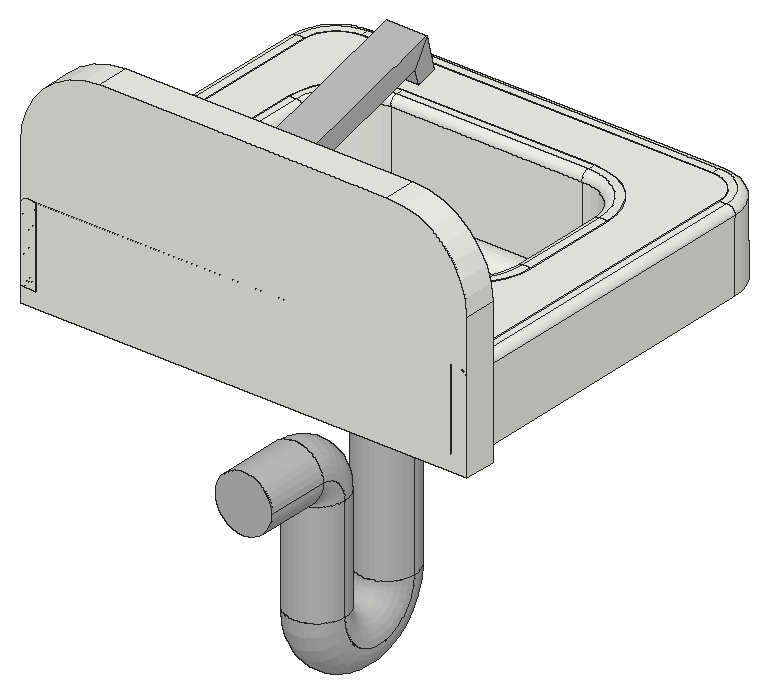
Revit family "PKNail Wall Sink", category Plumbing Fixtures, host Wall, Revit 2017
Family settings
  Host = Wall
  Round Connector Dimension = Use Diameter
  Part Type = Normal
  Always vertical = Yes
  Cut with Voids When Loaded = No
  Shared = Yes
  Room Calculation Point = No
Parameters (values of type "PKNail Wall Sink")
  PKNail Family Measure Location Centered = yes
  PKNail Family Fixed Dimensions = "Width:Height:Depth"
  Assembly Code = "D2010430"
  Depth = 1' - 0"
  Fixture/Piping Material = Metal - Steel, Polished
  Sink Material = Porcelain - Ivory
  Width = 1' - 2"
Reference planes (in)
  plane 1: y = 0
  plane 2 "Center (Left/Right)": x = 11.55865
  plane 3 "Center (Elevation)": z = 34
  plane 4: y = 3
  plane 5: y = 15
  plane 6: x = 18.55865
  plane 7: x = 4.55865
  plane 8: z = 30
  plane 9: x = 8.43365
  plane 10: x = 14.6776
  plane 11: y = 5
Forms (in)
  Extrusion 1, solid, material "Porcelain - Ivory" <- "Sink Material"
    sketch origin (0, 0, 34) x (0, 1, 0) y (-1, 0, 0)
      loop
        line (13.5, -5.05865) -> (3, -5.05865) -> (3, -18.05865) -> (13.5, -18.05865)
        arc (13.5, -18.05865) -> (14.20711, -17.76576) -> (14.5, -17.05865) r 1
        line (14.5, -17.05865) -> (14.5, -6.05865)
        arc (14.5, -6.05865) -> (14.20711, -5.35154) -> (13.5, -5.05865) r 1
    from 0 to -2.5
  Sweep 2, solid, material "Porcelain - Ivory" <- "Sink Material"
    path origin (0, 0, 34) x (0, 1, 0) y (-1, 0, 0)
      loop
        line (3, -5.05865) -> (13.5, -5.05865)
        arc (13.5, -5.05865) -> (14.20711, -5.35154) -> (14.5, -6.05865) r 1
        line (14.5, -6.05865) -> (14.5, -17.05865)
        arc (14.5, -17.05865) -> (14.20711, -17.76576) -> (13.5, -18.05865) r 1
        line (13.5, -18.05865) -> (3, -18.05865)
    profile origin (0, 8.25, 34) x (-1, 0, 0) y (0, 0, 1)
      loop
        line (-5.05865, -2.5) -> (-4.55865, -2.5) -> (-4.55865, -0.25)
        arc (-4.55865, -0.25) -> (-4.63187, -0.07322) -> (-4.80865, 0) r 0.25
        line (-4.80865, 0) -> (-5.05865, 0) -> (-5.05865, -2.5)
  Sweep 3, solid, material "Metal - Steel, Polished" <- "Fixture/Piping Material"
    path origin (11.55865, 0, 0) x (0, -1, 0) y (0, 0, 1)
      loop
        line (-8.43901, 30) -> (-8.43901, 23.69394)
        arc (-8.43901, 23.69394) -> (-7.2195, 22.47443) -> (-6, 23.69394) r 1.2195
        line (-6, 23.69394) -> (-6, 26.96696)
        arc (-6, 26.96696) -> (-5.70711, 27.67407) -> (-5, 27.96696) r 1
        line (-5, 27.96696) -> (-3, 27.96696)
    profile origin (11.55865, 0, 26.84697) x (-1, 0, 0) y (0, -1, 0)
      loop
        circle (0, -8.58304) r 0.88678
  Sweep 4, solid, material "Metal - Steel, Polished" <- "Fixture/Piping Material"
    path origin (11.55865, 0, 0) x (0, -1, 0) y (0, 0, 1)
      loop
        line (-5.08199, 34) -> (-5.08199, 36.58187) -> (-8.94569, 37.61714) -> (-9.0751, 37.13418)
    profile origin (11.55865, 0, 35.29093) x (0, 1, 0) y (-1, 0, 0)
      loop
        line (5.08199, 0.625) -> (4.45699, 0.625) -> (4.45699, -0.61895) -> (5.08199, -0.61895) -> (5.08199, 0.625)
  Extrusion 5, solid, material "Porcelain - Ivory" <- "Sink Material"
    sketch origin (0, 3, 0) x (1, 0, 0) y (0, 0, 1)
      loop
        line (18.55865, 31) -> (18.55865, 35.5)
        arc (18.55865, 35.5) -> (17.82642, 37.26777) -> (16.05865, 38) r 2.5
        line (16.05865, 38) -> (7.05865, 38)
        arc (7.05865, 38) -> (5.29088, 37.26777) -> (4.55865, 35.5) r 2.5
        line (4.55865, 35.5) -> (4.55865, 31) -> (18.55865, 31)
    from 0 to -1
  Extrusion 6, void
    sketch origin (0, 0, 34) x (0, 1, 0) y (-1, 0, 0)
      loop
        arc (13, -8.55865) -> (12.41421, -7.14444) -> (11, -6.55865) r 2
        line (11, -6.55865) -> (8, -6.55865)
        arc (8, -6.55865) -> (6.58579, -7.14444) -> (6, -8.55865) r 2
        line (6, -8.55865) -> (6, -14.55865)
        arc (6, -14.55865) -> (6.58579, -15.97286) -> (8, -16.55865) r 2
        line (8, -16.55865) -> (11, -16.55865)
        arc (11, -16.55865) -> (12.41421, -15.97286) -> (13, -14.55865) r 2
        line (13, -14.55865) -> (13, -8.55865)
    from 0 to -4
  Sweep 7, solid, material "Porcelain - Ivory" <- "Sink Material"
    path origin (0, 0, 34) x (0, 1, 0) y (-1, 0, 0)
      loop
        arc (13, -8.55865) -> (12.41421, -7.14444) -> (11, -6.55865) r 2
        line (11, -6.55865) -> (8, -6.55865)
        arc (8, -6.55865) -> (6.58579, -7.14444) -> (6, -8.55865) r 2
        line (6, -8.55865) -> (6, -14.55865)
        arc (6, -14.55865) -> (6.58579, -15.97286) -> (8, -16.55865) r 2
        line (8, -16.55865) -> (11, -16.55865)
        arc (11, -16.55865) -> (12.41421, -15.97286) -> (13, -14.55865) r 2
        line (13, -14.55865) -> (13, -8.55865)
    profile origin (11.55865, 0, 34) x (0, 1, 0) y (0, 0, 1)
      loop
        line (13, 0) -> (12.75, 0)
        arc (12.75, 0) -> (12.57322, -0.07322) -> (12.5, -0.25) r 0.25
        line (12.5, -0.25) -> (12.5, -3)
        arc (12.5, -3) -> (12.35355, -3.35355) -> (12, -3.5) r 0.5
        line (12, -3.5) -> (12, -4)
        arc (12, -4) -> (12.70711, -3.70711) -> (13, -3) r 1
        line (13, -3) -> (13, 0)
  Extrusion 8, solid, material "Porcelain - Ivory" <- "Sink Material"
    sketch origin (0, 0, 30) x (1, 0, 0) y (0, 1, 0)
      loop
        arc (8.55865, 12) -> (7.85154, 11.70711) -> (7.55865, 11) r 1
        line (7.55865, 11) -> (7.55865, 8)
        arc (7.55865, 8) -> (7.85154, 7.29289) -> (8.55865, 7) r 1
        line (8.55865, 7) -> (14.55865, 7)
        arc (14.55865, 7) -> (15.26576, 7.29289) -> (15.55865, 8) r 1
        line (15.55865, 8) -> (15.55865, 11)
        arc (15.55865, 11) -> (15.26576, 11.70711) -> (14.55865, 12) r 1
        line (14.55865, 12) -> (8.55865, 12)
      loop
        circle (11.55865, 8.58304) r 0.88678
    from 0 to 0.5
  Extrusion 9, solid, material "Metal - Steel, Polished" <- "Fixture/Piping Material"
    sketch origin (0, 0, 34) x (0, 1, 0) y (-1, 0, 0)
      loop
        circle (5, -8.43365) r 0.75
      loop
        circle (5, -14.6776) r 0.75
    from 0.5 to 2.5
Cuts and joins
  Extrusion 6 cuts Extrusion 1
  Extrusion 6 cuts Sweep 2
  Extrusion 6 cuts Sweep 3
  Extrusion 6 cuts Sweep 4
  Extrusion 6 cuts Extrusion 5
Lines and regions (in)
  symbolic lines
    curve 1: line (4.55865, 3, 34) -> (18.55865, 3, 34)
    curve 2: line (4.55865, 14, 34) -> (4.55865, 3, 34)
    curve 3: line (17.55865, 15, 34) -> (5.55865, 15, 34)
    curve 4: line (18.55865, 3, 34) -> (18.55865, 14, 34)
    curve 5: arc (5.55865, 15, 34) -> (4.85154, 14.70711, 34) -> (4.55865, 14, 34) r 1
    curve 6: arc (17.55865, 15, 34) -> (18.26576, 14.70711, 34) -> (18.55865, 14, 34) r 1
    curve 7: line (5.05865, 4, 34) -> (18.05865, 4, 34)
    curve 8: line (5.05865, 13.5, 34) -> (5.05865, 4, 34)
    curve 9: line (17.05865, 14.5, 34) -> (6.05865, 14.5, 34)
    curve 10: line (18.05865, 4, 34) -> (18.05865, 13.5, 34)
    curve 11: arc (6.05865, 14.5, 34) -> (5.35154, 14.20711, 34) -> (5.05865, 13.5, 34) r 1
    curve 12: arc (17.05865, 14.5, 34) -> (17.76576, 14.20711, 34) -> (18.05865, 13.5, 34) r 1
    curve 13: arc (12.44543, 8.58304, 34) -> (11.55865, 7.69627, 34) -> (10.67187, 8.58304, 34) r 0.88678
    curve 14: arc (10.67187, 8.58304, 34) -> (11.55865, 9.46982, 34) -> (12.44543, 8.58304, 34) r 0.88678
    curve 15: arc (9.18365, 5, 34) -> (8.43365, 4.25, 34) -> (7.68365, 5, 34) r 0.75
    curve 16: arc (7.68365, 5, 34) -> (8.43365, 5.75, 34) -> (9.18365, 5, 34) r 0.75
    curve 17: arc (15.4276, 5, 34) -> (14.6776, 4.25, 34) -> (13.9276, 5, 34) r 0.75
    curve 18: arc (13.9276, 5, 34) -> (14.6776, 5.75, 34) -> (15.4276, 5, 34) r 0.75
    curve 19: line (7.55865, 11, 0) -> (7.55865, 8, 0)
    curve 20: arc (8.55865, 12, 0) -> (7.85154, 11.70711, 0) -> (7.55865, 11, 0) r 1
    curve 21: line (14.55865, 12, 0) -> (8.55865, 12, 0)
    curve 22: arc (14.55865, 12, 0) -> (15.26576, 11.70711, 0) -> (15.55865, 11, 0) r 1
    curve 23: line (15.55865, 8, 0) -> (15.55865, 11, 0)
    curve 24: arc (8.55865, 7, 0) -> (7.85154, 7.29289, 0) -> (7.55865, 8, 0) r 1
    curve 25: line (8.55865, 7, 0) -> (14.55865, 7, 0)
    curve 26: arc (15.55865, 8, 0) -> (15.26576, 7.29289, 0) -> (14.55865, 7, 0) r 1
    curve 27: line (10.93365, 9.67881, 0) -> (12.1776, 9.67881, 0)
    curve 28: line (10.93365, 4.45699, 0) -> (10.93365, 9.67881, 0)
    curve 29: line (12.1776, 4.45699, 0) -> (10.93365, 4.45699, 0)
    curve 30: line (12.1776, 9.67881, 0) -> (12.1776, 4.45699, 0)
Text (in)
  text "Interior" at (0, 9.57251, 67.90327), in view "Right"
  text "Interior" at (5.8401, 52.40816, 0), in view "Floor Line"
  text "Interior" at (0, 31.00986, 52.04971), in view "Left"
Dimensions and locks (in)
  "Depth": plane 4 to plane 5
  equal spacing: plane 7, plane 2 "Center (Left/Right)", plane 6
  "Width": plane 7 to plane 6
  locked: plane 3 "Center (Elevation)" to plane 8 at 4
  locked: plane 4 to plane 11 at 2
  locked: plane 4 to Sweep 4 sketch curve at 2.08199
  locked: plane 7 to Sweep 7 sketch curve at 2
  locked: Sweep 7 sketch curve to plane 6 at 2
  locked: plane 7 to Extrusion 6 sketch curve at 2
  locked: Extrusion 6 sketch curve to plane 6 at 2
  aligned and locked: plane 4 to host wall
  aligned and locked: Extrusion 1 sketch curve to curve 8
  aligned and locked: Sweep 2 sketch curve to curve 8
  aligned and locked: Extrusion 8 sketch curve to Sweep 7  (x2)
  aligned and locked: Sweep 7 to Extrusion 8 sketch curve  (x2)
  aligned and locked: curve 23 to Extrusion 8
Automatic sketch dimensions
  Extrusion 1 sketch curve to plane 4 = 0' - 0"
  plane 5 to Extrusion 1 sketch curve = 0' - 1 1/2"  (x2)
  plane 5 to Extrusion 1 sketch curve = 0' - 0 1/2"
  plane 6 to Extrusion 1 sketch curve = 0' - 0 1/2"
  Sweep 2 sketch curve to plane 4 = 0' - 0"  (x2)
  plane 5 to Sweep 2 sketch curve = 0' - 1 1/2"  (x2)
  plane 6 to Sweep 2 sketch curve = 0' - 0 1/2"
  plane 5 to Sweep 2 sketch curve = 0' - 0 1/2"
  Extrusion 5 sketch curve to plane 7 = 0' - 0"
  Extrusion 5 sketch curve to plane 6 = 0' - 0"
  Extrusion 5 sketch curve to plane 7 = 0' - 2 1/2"
  plane 6 to Extrusion 5 sketch curve = 0' - 2 1/2"
  plane 3 "Center (Elevation)" to Extrusion 5 sketch curve = 0' - 3"
  Extrusion 5 sketch curve to plane 3 "Center (Elevation)" = 0' - 1 1/2"
  Sweep 3 sketch curve to plane 2 "Center (Left/Right)" = 0' - 0"
  profile plane to Sweep 3 sketch curve = 0' - 0.14404"
  Sweep 3 sketch curve to Sweep 3 sketch curve = 0' - 0.88678"
  Sweep 3 sketch curve to plane 8 = 0' - 0"
  Sweep 3 sketch curve to plane 4 = 0' - 0"
  Sweep 3 sketch curve to plane 4 = 0' - 2"
  Sweep 3 sketch curve to plane 4 = 0' - 3"
  Sweep 3 sketch curve to Sweep 3 sketch curve = 0' - 1.2195"
  plane 8 to Sweep 3 sketch curve = 0' - 2.03304"
  Sweep 3 sketch curve to Sweep 3 sketch curve = 0' - 3.27303"
  Sweep 2 sketch curve to profile plane = 0' - 0"
  Sweep 2 sketch curve to plane 3 "Center (Elevation)" = 0' - 0"
  Sweep 2 sketch curve to profile plane = 0' - 0 1/4"
  Sweep 2 sketch curve to Sweep 2 sketch curve = 0' - 0 1/4"
  Sweep 2 sketch curve to Sweep 2 sketch curve = 0' - 2 1/4"
  Extrusion 6 sketch curve to plane 4 = 0' - 3"
  Extrusion 6 sketch curve to Extrusion 6 sketch curve = 0' - 2"  (x2)
  plane 5 to Extrusion 6 sketch curve = 0' - 4"  (x2)
  plane 5 to Extrusion 6 sketch curve = 0' - 2"
  Sweep 7 sketch curve to plane 4 = 0' - 3"
  Sweep 7 sketch curve to Sweep 7 sketch curve = 0' - 2"  (x2)
  plane 5 to Sweep 7 sketch curve = 0' - 4"  (x2)
  plane 5 to Sweep 7 sketch curve = 0' - 2"
  Sweep 7 sketch curve to plane 3 "Center (Elevation)" = 0' - 0"
  Sweep 7 sketch curve to profile plane = 0' - 0"
  profile plane to Sweep 7 sketch curve = 0' - 0 1/4"
  Sweep 7 sketch curve to Sweep 7 sketch curve = 0' - 0 1/2"  (x2)
  Sweep 7 sketch curve to Sweep 7 sketch curve = 0' - 2 3/4"
  Sweep 7 sketch curve to Sweep 7 sketch curve = 0' - 0"
  Sweep 4 sketch curve to plane 3 "Center (Elevation)" = 0' - 0"
  Sweep 4 sketch curve to plane 3 "Center (Elevation)" = 0' - 3.13418"
  Sweep 4 sketch curve to plane 3 "Center (Elevation)" = 0' - 3.61714"
  Sweep 4 sketch curve to Sweep 4 sketch curve = 0' - 0.12941"
  Sweep 4 sketch curve to Sweep 4 sketch curve = 0' - 3.8637"
  Sweep 4 sketch curve to profile plane = 0' - 0"
  profile plane to Sweep 4 sketch curve = 0' - 0 5/8"
  Sweep 4 sketch curve to plane 2 "Center (Left/Right)" = 0' - 0.61895"
  plane 2 "Center (Left/Right)" to Sweep 4 sketch curve = 0' - 0 5/8"
  Extrusion 9 sketch curve to plane 10 = 0' - 0"
  Extrusion 9 sketch curve to plane 9 = 0' - 0"
  Extrusion 9 sketch curve to plane 11 = 0' - 0"  (x2)
  Extrusion 9 sketch curve to Extrusion 9 sketch curve = 0' - 0 3/4"  (x2)
  Extrusion 8 sketch curve to plane 2 "Center (Left/Right)" = 0' - 0"
  Extrusion 8 sketch curve to Extrusion 8 sketch curve = 0' - 1"  (x4)
  Extrusion 8 sketch curve to Extrusion 8 sketch curve = 0' - 0.88678"
  Extrusion 8 sketch curve to Extrusion 8 sketch curve = 0' - 0"  (x2)
  Extrusion 8 sketch curve to plane 11 = 0' - 3.58304"
  curve 5 to plane 7 = 0' - 0"
  curve 3 to plane 5 = 0' - 0"
  curve 15 to plane 11 = 0' - 0"
  curve 15 to plane 9 = 0' - 0"
  curve 13 to plane 2 "Center (Left/Right)" = 0' - 0"
  curve 17 to plane 11 = 0' - 0"
  curve 17 to plane 10 = 0' - 0"
  curve 6 to plane 6 = 0' - 0"
  curve 11 to plane 7 = 0' - 0 1/2"
  curve 3 to plane 7 = 0' - 1"
  curve 5 to curve 11 = 0' - 0 1/2"
  curve 24 to plane 7 = 0' - 3"
  curve 20 to curve 20 = 0' - 1"
  curve 24 to curve 25 = 0' - 1"
  plane 9 to curve 15 = 0' - 0 3/4"
  curve 13 to curve 13 = 0' - 0.88678"
  plane 2 "Center (Left/Right)" to curve 28 = 0' - 0 5/8"
  curve 30 to plane 2 "Center (Left/Right)" = 0' - 0.61895"
  plane 10 to curve 17 = 0' - 0 3/4"
  curve 22 to curve 22 = 0' - 1"
  curve 25 to curve 23 = 0' - 1"
  plane 6 to curve 12 = 0' - 1 1/2"
  curve 12 to curve 6 = 0' - 0 1/2"
  plane 6 to curve 10 = 0' - 0 1/2"
  curve 1 to plane 4 = 0' - 0"
  curve 2 to curve 7 = 0' - 1"
  plane 11 to curve 30 = 0' - 0.54301"
  curve 15 to curve 24 = 0' - 2"
  curve 13 to plane 11 = 0' - 3.58304"
  curve 14 to curve 27 = 0' - 1.09576"
  curve 23 to curve 6 = 0' - 3"
  curve 11 to curve 5 = 0' - 0 1/2"
